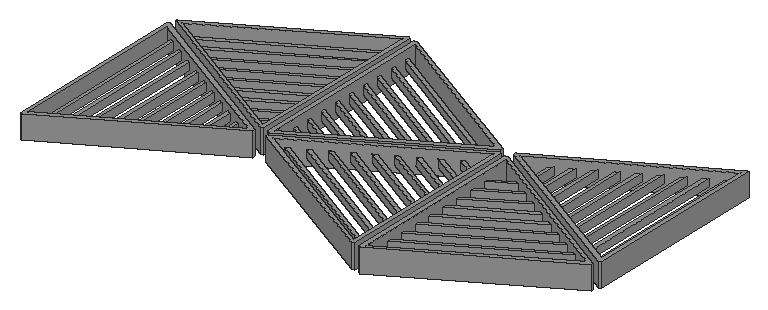
Revit family "CLD-FMD-004_RTV", category Modelos genéricos, Revit 2022 (continued)
Forms (in)
  Extrusion 209, solid, not visible
    sketch origin (0, 48, 0) x (0, 1, 0) y (0, 0, 1)
      loop
        line (0.42221, 1.66259) -> (0.42231, 0.67354)
        arc (0.42231, 0.67354) -> (0.41009, 0.64403) -> (0.38057, 0.6318) r 0.04174
        line (0.38057, 0.6318) -> (-0.00639, 0.6318) -> (-0.00639, 0.59057) -> (0.8874, 0.59057) -> (0.8874, 0.6318) -> (0.49998, 0.6318)
        arc (0.49998, 0.6318) -> (0.47046, 0.64403) -> (0.45824, 0.67354) r 0.04174
        line (0.45824, 0.67354) -> (0.45834, 1.66259)
        arc (0.45834, 1.66259) -> (0.46543, 1.67969) -> (0.48252, 1.68677) r 0.02418
        line (0.48252, 1.68677) -> (0.52252, 1.68677)
        arc (0.52252, 1.68677) -> (0.55303, 1.69941) -> (0.56566, 1.72991) r 0.04314
        line (0.56566, 1.72991) -> (0.56566, 2.14095)
        arc (0.56566, 2.14095) -> (0.5626, 2.15637) -> (0.55386, 2.16944) r 0.04029
        line (0.55386, 2.16944) -> (0.47053, 2.25277)
        arc (0.47053, 2.25277) -> (0.44027, 2.2653) -> (0.41002, 2.25277) r 0.04279
        line (0.41002, 2.25277) -> (0.32669, 2.16944)
        arc (0.32669, 2.16944) -> (0.31795, 2.15637) -> (0.31489, 2.14095) r 0.04029
        line (0.31489, 2.14095) -> (0.31489, 1.72991)
        arc (0.31489, 1.72991) -> (0.32752, 1.69941) -> (0.35803, 1.68677) r 0.04314
        line (0.35803, 1.68677) -> (0.39803, 1.68677)
        arc (0.39803, 1.68677) -> (0.41512, 1.67969) -> (0.42221, 1.66259) r 0.02418
      loop
        arc (0.33294, 1.7291) -> (0.34005, 1.71194) -> (0.35722, 1.70483) r 0.02428
        line (0.35722, 1.70483) -> (0.39815, 1.70483)
        arc (0.39815, 1.70483) -> (0.42797, 1.69248) -> (0.44023, 1.66266) r 0.04217
        arc (0.44023, 1.66266) -> (0.45258, 1.69248) -> (0.4824, 1.70483) r 0.04217
        line (0.4824, 1.70483) -> (0.52333, 1.70483)
        arc (0.52333, 1.70483) -> (0.54049, 1.71194) -> (0.54761, 1.7291) r 0.02428
        line (0.54761, 1.7291) -> (0.54761, 2.15016) -> (0.45704, 2.24072)
        arc (0.45704, 2.24072) -> (0.44027, 2.24767) -> (0.42351, 2.24072) r 0.02371
        line (0.42351, 2.24072) -> (0.33294, 2.15016) -> (0.33294, 1.7291)
    from 0 to 96.9361
  Extrusion 210, solid, not visible
    sketch origin (0, 72, 0) x (0, 1, 0) y (0, 0, 1)
      loop
        line (0.42221, 1.66259) -> (0.42231, 0.67354)
        arc (0.42231, 0.67354) -> (0.41009, 0.64403) -> (0.38057, 0.6318) r 0.04174
        line (0.38057, 0.6318) -> (-0.00639, 0.6318) -> (-0.00639, 0.59057) -> (0.8874, 0.59057) -> (0.8874, 0.6318) -> (0.49998, 0.6318)
        arc (0.49998, 0.6318) -> (0.47046, 0.64403) -> (0.45824, 0.67354) r 0.04174
        line (0.45824, 0.67354) -> (0.45834, 1.66259)
        arc (0.45834, 1.66259) -> (0.46543, 1.67969) -> (0.48252, 1.68677) r 0.02418
        line (0.48252, 1.68677) -> (0.52252, 1.68677)
        arc (0.52252, 1.68677) -> (0.55303, 1.69941) -> (0.56566, 1.72991) r 0.04314
        line (0.56566, 1.72991) -> (0.56566, 2.14095)
        arc (0.56566, 2.14095) -> (0.5626, 2.15637) -> (0.55386, 2.16944) r 0.04029
        line (0.55386, 2.16944) -> (0.47053, 2.25277)
        arc (0.47053, 2.25277) -> (0.44027, 2.2653) -> (0.41002, 2.25277) r 0.04279
        line (0.41002, 2.25277) -> (0.32669, 2.16944)
        arc (0.32669, 2.16944) -> (0.31795, 2.15637) -> (0.31489, 2.14095) r 0.04029
        line (0.31489, 2.14095) -> (0.31489, 1.72991)
        arc (0.31489, 1.72991) -> (0.32752, 1.69941) -> (0.35803, 1.68677) r 0.04314
        line (0.35803, 1.68677) -> (0.39803, 1.68677)
        arc (0.39803, 1.68677) -> (0.41512, 1.67969) -> (0.42221, 1.66259) r 0.02418
      loop
        arc (0.33294, 1.7291) -> (0.34005, 1.71194) -> (0.35722, 1.70483) r 0.02428
        line (0.35722, 1.70483) -> (0.39815, 1.70483)
        arc (0.39815, 1.70483) -> (0.42797, 1.69248) -> (0.44023, 1.66266) r 0.04217
        arc (0.44023, 1.66266) -> (0.45258, 1.69248) -> (0.4824, 1.70483) r 0.04217
        line (0.4824, 1.70483) -> (0.52333, 1.70483)
        arc (0.52333, 1.70483) -> (0.54049, 1.71194) -> (0.54761, 1.7291) r 0.02428
        line (0.54761, 1.7291) -> (0.54761, 2.15016) -> (0.45704, 2.24072)
        arc (0.45704, 2.24072) -> (0.44027, 2.24767) -> (0.42351, 2.24072) r 0.02371
        line (0.42351, 2.24072) -> (0.33294, 2.15016) -> (0.33294, 1.7291)
    from 0 to 96.9361
  Extrusion 211, solid, not visible
    sketch origin (0, 96, 0) x (0, 1, 0) y (0, 0, 1)
      loop
        line (0.42221, 1.66259) -> (0.42231, 0.67354)
        arc (0.42231, 0.67354) -> (0.41009, 0.64403) -> (0.38057, 0.6318) r 0.04174
        line (0.38057, 0.6318) -> (-0.00639, 0.6318) -> (-0.00639, 0.59057) -> (0.8874, 0.59057) -> (0.8874, 0.6318) -> (0.49998, 0.6318)
        arc (0.49998, 0.6318) -> (0.47046, 0.64403) -> (0.45824, 0.67354) r 0.04174
        line (0.45824, 0.67354) -> (0.45834, 1.66259)
        arc (0.45834, 1.66259) -> (0.46543, 1.67969) -> (0.48252, 1.68677) r 0.02418
        line (0.48252, 1.68677) -> (0.52252, 1.68677)
        arc (0.52252, 1.68677) -> (0.55303, 1.69941) -> (0.56566, 1.72991) r 0.04314
        line (0.56566, 1.72991) -> (0.56566, 2.14095)
        arc (0.56566, 2.14095) -> (0.5626, 2.15637) -> (0.55386, 2.16944) r 0.04029
        line (0.55386, 2.16944) -> (0.47053, 2.25277)
        arc (0.47053, 2.25277) -> (0.44027, 2.2653) -> (0.41002, 2.25277) r 0.04279
        line (0.41002, 2.25277) -> (0.32669, 2.16944)
        arc (0.32669, 2.16944) -> (0.31795, 2.15637) -> (0.31489, 2.14095) r 0.04029
        line (0.31489, 2.14095) -> (0.31489, 1.72991)
        arc (0.31489, 1.72991) -> (0.32752, 1.69941) -> (0.35803, 1.68677) r 0.04314
        line (0.35803, 1.68677) -> (0.39803, 1.68677)
        arc (0.39803, 1.68677) -> (0.41512, 1.67969) -> (0.42221, 1.66259) r 0.02418
      loop
        arc (0.33294, 1.7291) -> (0.34005, 1.71194) -> (0.35722, 1.70483) r 0.02428
        line (0.35722, 1.70483) -> (0.39815, 1.70483)
        arc (0.39815, 1.70483) -> (0.42797, 1.69248) -> (0.44023, 1.66266) r 0.04217
        arc (0.44023, 1.66266) -> (0.45258, 1.69248) -> (0.4824, 1.70483) r 0.04217
        line (0.4824, 1.70483) -> (0.52333, 1.70483)
        arc (0.52333, 1.70483) -> (0.54049, 1.71194) -> (0.54761, 1.7291) r 0.02428
        line (0.54761, 1.7291) -> (0.54761, 2.15016) -> (0.45704, 2.24072)
        arc (0.45704, 2.24072) -> (0.44027, 2.24767) -> (0.42351, 2.24072) r 0.02371
        line (0.42351, 2.24072) -> (0.33294, 2.15016) -> (0.33294, 1.7291)
    from 0 to 96.9361
  Extrusion 212, solid, not visible
    sketch origin (48.02754, 154.90856, 0) x (1, 0, 0) y (0, 0, 1)
      loop
        line (0.42221, 1.66259) -> (0.42231, 0.67354)
        arc (0.42231, 0.67354) -> (0.41009, 0.64403) -> (0.38057, 0.6318) r 0.04174
        line (0.38057, 0.6318) -> (-0.00639, 0.6318) -> (-0.00639, 0.59057) -> (0.8874, 0.59057) -> (0.8874, 0.6318) -> (0.49998, 0.6318)
        arc (0.49998, 0.6318) -> (0.47046, 0.64403) -> (0.45824, 0.67354) r 0.04174
        line (0.45824, 0.67354) -> (0.45834, 1.66259)
        arc (0.45834, 1.66259) -> (0.46543, 1.67969) -> (0.48252, 1.68677) r 0.02418
        line (0.48252, 1.68677) -> (0.52252, 1.68677)
        arc (0.52252, 1.68677) -> (0.55303, 1.69941) -> (0.56566, 1.72991) r 0.04314
        line (0.56566, 1.72991) -> (0.56566, 2.14095)
        arc (0.56566, 2.14095) -> (0.5626, 2.15637) -> (0.55386, 2.16944) r 0.04029
        line (0.55386, 2.16944) -> (0.47053, 2.25277)
        arc (0.47053, 2.25277) -> (0.44027, 2.2653) -> (0.41002, 2.25277) r 0.04279
        line (0.41002, 2.25277) -> (0.32669, 2.16944)
        arc (0.32669, 2.16944) -> (0.31795, 2.15637) -> (0.31489, 2.14095) r 0.04029
        line (0.31489, 2.14095) -> (0.31489, 1.72991)
        arc (0.31489, 1.72991) -> (0.32752, 1.69941) -> (0.35803, 1.68677) r 0.04314
        line (0.35803, 1.68677) -> (0.39803, 1.68677)
        arc (0.39803, 1.68677) -> (0.41512, 1.67969) -> (0.42221, 1.66259) r 0.02418
      loop
        arc (0.33294, 1.7291) -> (0.34005, 1.71194) -> (0.35722, 1.70483) r 0.02428
        line (0.35722, 1.70483) -> (0.39815, 1.70483)
        arc (0.39815, 1.70483) -> (0.42797, 1.69248) -> (0.44023, 1.66266) r 0.04217
        arc (0.44023, 1.66266) -> (0.45258, 1.69248) -> (0.4824, 1.70483) r 0.04217
        line (0.4824, 1.70483) -> (0.52333, 1.70483)
        arc (0.52333, 1.70483) -> (0.54049, 1.71194) -> (0.54761, 1.7291) r 0.02428
        line (0.54761, 1.7291) -> (0.54761, 2.15016) -> (0.45704, 2.24072)
        arc (0.45704, 2.24072) -> (0.44027, 2.24767) -> (0.42351, 2.24072) r 0.02371
        line (0.42351, 2.24072) -> (0.33294, 2.15016) -> (0.33294, 1.7291)
    from 58.93614 to 81.99864
  Extrusion 213, solid, not visible
    sketch origin (72.02767, 154.90856, 0) x (1, 0, 0) y (0, 0, 1)
      loop
        line (0.42221, 1.66259) -> (0.42231, 0.67354)
        arc (0.42231, 0.67354) -> (0.41009, 0.64403) -> (0.38057, 0.6318) r 0.04174
        line (0.38057, 0.6318) -> (-0.00639, 0.6318) -> (-0.00639, 0.59057) -> (0.8874, 0.59057) -> (0.8874, 0.6318) -> (0.49998, 0.6318)
        arc (0.49998, 0.6318) -> (0.47046, 0.64403) -> (0.45824, 0.67354) r 0.04174
        line (0.45824, 0.67354) -> (0.45834, 1.66259)
        arc (0.45834, 1.66259) -> (0.46543, 1.67969) -> (0.48252, 1.68677) r 0.02418
        line (0.48252, 1.68677) -> (0.52252, 1.68677)
        arc (0.52252, 1.68677) -> (0.55303, 1.69941) -> (0.56566, 1.72991) r 0.04314
        line (0.56566, 1.72991) -> (0.56566, 2.14095)
        arc (0.56566, 2.14095) -> (0.5626, 2.15637) -> (0.55386, 2.16944) r 0.04029
        line (0.55386, 2.16944) -> (0.47053, 2.25277)
        arc (0.47053, 2.25277) -> (0.44027, 2.2653) -> (0.41002, 2.25277) r 0.04279
        line (0.41002, 2.25277) -> (0.32669, 2.16944)
        arc (0.32669, 2.16944) -> (0.31795, 2.15637) -> (0.31489, 2.14095) r 0.04029
        line (0.31489, 2.14095) -> (0.31489, 1.72991)
        arc (0.31489, 1.72991) -> (0.32752, 1.69941) -> (0.35803, 1.68677) r 0.04314
        line (0.35803, 1.68677) -> (0.39803, 1.68677)
        arc (0.39803, 1.68677) -> (0.41512, 1.67969) -> (0.42221, 1.66259) r 0.02418
      loop
        arc (0.33294, 1.7291) -> (0.34005, 1.71194) -> (0.35722, 1.70483) r 0.02428
        line (0.35722, 1.70483) -> (0.39815, 1.70483)
        arc (0.39815, 1.70483) -> (0.42797, 1.69248) -> (0.44023, 1.66266) r 0.04217
        arc (0.44023, 1.66266) -> (0.45258, 1.69248) -> (0.4824, 1.70483) r 0.04217
        line (0.4824, 1.70483) -> (0.52333, 1.70483)
        arc (0.52333, 1.70483) -> (0.54049, 1.71194) -> (0.54761, 1.7291) r 0.02428
        line (0.54761, 1.7291) -> (0.54761, 2.15016) -> (0.45704, 2.24072)
        arc (0.45704, 2.24072) -> (0.44027, 2.24767) -> (0.42351, 2.24072) r 0.02371
        line (0.42351, 2.24072) -> (0.33294, 2.15016) -> (0.33294, 1.7291)
    from 58.93614 to 81.99864
  Extrusion 214, solid, not visible
    sketch origin (96.02767, 154.90856, 0) x (1, 0, 0) y (0, 0, 1)
      loop
        line (0.42221, 1.66259) -> (0.42231, 0.67354)
        arc (0.42231, 0.67354) -> (0.41009, 0.64403) -> (0.38057, 0.6318) r 0.04174
        line (0.38057, 0.6318) -> (-0.00639, 0.6318) -> (-0.00639, 0.59057) -> (0.8874, 0.59057) -> (0.8874, 0.6318) -> (0.49998, 0.6318)
        arc (0.49998, 0.6318) -> (0.47046, 0.64403) -> (0.45824, 0.67354) r 0.04174
        line (0.45824, 0.67354) -> (0.45834, 1.66259)
        arc (0.45834, 1.66259) -> (0.46543, 1.67969) -> (0.48252, 1.68677) r 0.02418
        line (0.48252, 1.68677) -> (0.52252, 1.68677)
        arc (0.52252, 1.68677) -> (0.55303, 1.69941) -> (0.56566, 1.72991) r 0.04314
        line (0.56566, 1.72991) -> (0.56566, 2.14095)
        arc (0.56566, 2.14095) -> (0.5626, 2.15637) -> (0.55386, 2.16944) r 0.04029
        line (0.55386, 2.16944) -> (0.47053, 2.25277)
        arc (0.47053, 2.25277) -> (0.44027, 2.2653) -> (0.41002, 2.25277) r 0.04279
        line (0.41002, 2.25277) -> (0.32669, 2.16944)
        arc (0.32669, 2.16944) -> (0.31795, 2.15637) -> (0.31489, 2.14095) r 0.04029
        line (0.31489, 2.14095) -> (0.31489, 1.72991)
        arc (0.31489, 1.72991) -> (0.32752, 1.69941) -> (0.35803, 1.68677) r 0.04314
        line (0.35803, 1.68677) -> (0.39803, 1.68677)
        arc (0.39803, 1.68677) -> (0.41512, 1.67969) -> (0.42221, 1.66259) r 0.02418
      loop
        arc (0.33294, 1.7291) -> (0.34005, 1.71194) -> (0.35722, 1.70483) r 0.02428
        line (0.35722, 1.70483) -> (0.39815, 1.70483)
        arc (0.39815, 1.70483) -> (0.42797, 1.69248) -> (0.44023, 1.66266) r 0.04217
        arc (0.44023, 1.66266) -> (0.45258, 1.69248) -> (0.4824, 1.70483) r 0.04217
        line (0.4824, 1.70483) -> (0.52333, 1.70483)
        arc (0.52333, 1.70483) -> (0.54049, 1.71194) -> (0.54761, 1.7291) r 0.02428
        line (0.54761, 1.7291) -> (0.54761, 2.15016) -> (0.45704, 2.24072)
        arc (0.45704, 2.24072) -> (0.44027, 2.24767) -> (0.42351, 2.24072) r 0.02371
        line (0.42351, 2.24072) -> (0.33294, 2.15016) -> (0.33294, 1.7291)
    from 58.93614 to 81.99864
  Extrusion 215, solid, not visible
    sketch origin (24.02767, 154.90856, 0) x (1, 0, 0) y (0, 0, 1)
      loop
        line (0.42221, 1.66259) -> (0.42231, 0.67354)
        arc (0.42231, 0.67354) -> (0.41009, 0.64403) -> (0.38057, 0.6318) r 0.04174
        line (0.38057, 0.6318) -> (-0.00639, 0.6318) -> (-0.00639, 0.59057) -> (0.8874, 0.59057) -> (0.8874, 0.6318) -> (0.49998, 0.6318)
        arc (0.49998, 0.6318) -> (0.47046, 0.64403) -> (0.45824, 0.67354) r 0.04174
        line (0.45824, 0.67354) -> (0.45834, 1.66259)
        arc (0.45834, 1.66259) -> (0.46543, 1.67969) -> (0.48252, 1.68677) r 0.02418
        line (0.48252, 1.68677) -> (0.52252, 1.68677)
        arc (0.52252, 1.68677) -> (0.55303, 1.69941) -> (0.56566, 1.72991) r 0.04314
        line (0.56566, 1.72991) -> (0.56566, 2.14095)
        arc (0.56566, 2.14095) -> (0.5626, 2.15637) -> (0.55386, 2.16944) r 0.04029
        line (0.55386, 2.16944) -> (0.47053, 2.25277)
        arc (0.47053, 2.25277) -> (0.44027, 2.2653) -> (0.41002, 2.25277) r 0.04279
        line (0.41002, 2.25277) -> (0.32669, 2.16944)
        arc (0.32669, 2.16944) -> (0.31795, 2.15637) -> (0.31489, 2.14095) r 0.04029
        line (0.31489, 2.14095) -> (0.31489, 1.72991)
        arc (0.31489, 1.72991) -> (0.32752, 1.69941) -> (0.35803, 1.68677) r 0.04314
        line (0.35803, 1.68677) -> (0.39803, 1.68677)
        arc (0.39803, 1.68677) -> (0.41512, 1.67969) -> (0.42221, 1.66259) r 0.02418
      loop
        arc (0.33294, 1.7291) -> (0.34005, 1.71194) -> (0.35722, 1.70483) r 0.02428
        line (0.35722, 1.70483) -> (0.39815, 1.70483)
        arc (0.39815, 1.70483) -> (0.42797, 1.69248) -> (0.44023, 1.66266) r 0.04217
        arc (0.44023, 1.66266) -> (0.45258, 1.69248) -> (0.4824, 1.70483) r 0.04217
        line (0.4824, 1.70483) -> (0.52333, 1.70483)
        arc (0.52333, 1.70483) -> (0.54049, 1.71194) -> (0.54761, 1.7291) r 0.02428
        line (0.54761, 1.7291) -> (0.54761, 2.15016) -> (0.45704, 2.24072)
        arc (0.45704, 2.24072) -> (0.44027, 2.24767) -> (0.42351, 2.24072) r 0.02371
        line (0.42351, 2.24072) -> (0.33294, 2.15016) -> (0.33294, 1.7291)
    from 58.93614 to 81.99864
  Extrusion 216, solid, not visible
    sketch origin (0.02767, 154.90856, 0) x (1, 0, 0) y (0, 0, 1)
      loop
        line (0.42221, 1.66259) -> (0.42231, 0.67354)
        arc (0.42231, 0.67354) -> (0.41009, 0.64403) -> (0.38057, 0.6318) r 0.04174
        line (0.38057, 0.6318) -> (-0.00639, 0.6318) -> (-0.00639, 0.59057) -> (0.8874, 0.59057) -> (0.8874, 0.6318) -> (0.49998, 0.6318)
        arc (0.49998, 0.6318) -> (0.47046, 0.64403) -> (0.45824, 0.67354) r 0.04174
        line (0.45824, 0.67354) -> (0.45834, 1.66259)
        arc (0.45834, 1.66259) -> (0.46543, 1.67969) -> (0.48252, 1.68677) r 0.02418
        line (0.48252, 1.68677) -> (0.52252, 1.68677)
        arc (0.52252, 1.68677) -> (0.55303, 1.69941) -> (0.56566, 1.72991) r 0.04314
        line (0.56566, 1.72991) -> (0.56566, 2.14095)
        arc (0.56566, 2.14095) -> (0.5626, 2.15637) -> (0.55386, 2.16944) r 0.04029
        line (0.55386, 2.16944) -> (0.47053, 2.25277)
        arc (0.47053, 2.25277) -> (0.44027, 2.2653) -> (0.41002, 2.25277) r 0.04279
        line (0.41002, 2.25277) -> (0.32669, 2.16944)
        arc (0.32669, 2.16944) -> (0.31795, 2.15637) -> (0.31489, 2.14095) r 0.04029
        line (0.31489, 2.14095) -> (0.31489, 1.72991)
        arc (0.31489, 1.72991) -> (0.32752, 1.69941) -> (0.35803, 1.68677) r 0.04314
        line (0.35803, 1.68677) -> (0.39803, 1.68677)
        arc (0.39803, 1.68677) -> (0.41512, 1.67969) -> (0.42221, 1.66259) r 0.02418
      loop
        arc (0.33294, 1.7291) -> (0.34005, 1.71194) -> (0.35722, 1.70483) r 0.02428
        line (0.35722, 1.70483) -> (0.39815, 1.70483)
        arc (0.39815, 1.70483) -> (0.42797, 1.69248) -> (0.44023, 1.66266) r 0.04217
        arc (0.44023, 1.66266) -> (0.45258, 1.69248) -> (0.4824, 1.70483) r 0.04217
        line (0.4824, 1.70483) -> (0.52333, 1.70483)
        arc (0.52333, 1.70483) -> (0.54049, 1.71194) -> (0.54761, 1.7291) r 0.02428
        line (0.54761, 1.7291) -> (0.54761, 2.15016) -> (0.45704, 2.24072)
        arc (0.45704, 2.24072) -> (0.44027, 2.24767) -> (0.42351, 2.24072) r 0.02371
        line (0.42351, 2.24072) -> (0.33294, 2.15016) -> (0.33294, 1.7291)
    from 58.93614 to 81.99864
  Extrusion 217, solid, not visible
    sketch origin (48.02754, 130.90855, 0) x (1, 0, 0) y (0, 0, 1)
      loop
        line (0.42221, 1.66259) -> (0.42231, 0.67354)
        arc (0.42231, 0.67354) -> (0.41009, 0.64403) -> (0.38057, 0.6318) r 0.04174
        line (0.38057, 0.6318) -> (-0.00639, 0.6318) -> (-0.00639, 0.59057) -> (0.8874, 0.59057) -> (0.8874, 0.6318) -> (0.49998, 0.6318)
        arc (0.49998, 0.6318) -> (0.47046, 0.64403) -> (0.45824, 0.67354) r 0.04174
        line (0.45824, 0.67354) -> (0.45834, 1.66259)
        arc (0.45834, 1.66259) -> (0.46543, 1.67969) -> (0.48252, 1.68677) r 0.02418
        line (0.48252, 1.68677) -> (0.52252, 1.68677)
        arc (0.52252, 1.68677) -> (0.55303, 1.69941) -> (0.56566, 1.72991) r 0.04314
        line (0.56566, 1.72991) -> (0.56566, 2.14095)
        arc (0.56566, 2.14095) -> (0.5626, 2.15637) -> (0.55386, 2.16944) r 0.04029
        line (0.55386, 2.16944) -> (0.47053, 2.25277)
        arc (0.47053, 2.25277) -> (0.44027, 2.2653) -> (0.41002, 2.25277) r 0.04279
        line (0.41002, 2.25277) -> (0.32669, 2.16944)
        arc (0.32669, 2.16944) -> (0.31795, 2.15637) -> (0.31489, 2.14095) r 0.04029
        line (0.31489, 2.14095) -> (0.31489, 1.72991)
        arc (0.31489, 1.72991) -> (0.32752, 1.69941) -> (0.35803, 1.68677) r 0.04314
        line (0.35803, 1.68677) -> (0.39803, 1.68677)
        arc (0.39803, 1.68677) -> (0.41512, 1.67969) -> (0.42221, 1.66259) r 0.02418
      loop
        arc (0.33294, 1.7291) -> (0.34005, 1.71194) -> (0.35722, 1.70483) r 0.02428
        line (0.35722, 1.70483) -> (0.39815, 1.70483)
        arc (0.39815, 1.70483) -> (0.42797, 1.69248) -> (0.44023, 1.66266) r 0.04217
        arc (0.44023, 1.66266) -> (0.45258, 1.69248) -> (0.4824, 1.70483) r 0.04217
        line (0.4824, 1.70483) -> (0.52333, 1.70483)
        arc (0.52333, 1.70483) -> (0.54049, 1.71194) -> (0.54761, 1.7291) r 0.02428
        line (0.54761, 1.7291) -> (0.54761, 2.15016) -> (0.45704, 2.24072)
        arc (0.45704, 2.24072) -> (0.44027, 2.24767) -> (0.42351, 2.24072) r 0.02371
        line (0.42351, 2.24072) -> (0.33294, 2.15016) -> (0.33294, 1.7291)
    from 58.93614 to 81.99864
  Extrusion 218, solid, not visible
    sketch origin (72.02767, 130.90855, 0) x (1, 0, 0) y (0, 0, 1)
      loop
        line (0.42221, 1.66259) -> (0.42231, 0.67354)
        arc (0.42231, 0.67354) -> (0.41009, 0.64403) -> (0.38057, 0.6318) r 0.04174
        line (0.38057, 0.6318) -> (-0.00639, 0.6318) -> (-0.00639, 0.59057) -> (0.8874, 0.59057) -> (0.8874, 0.6318) -> (0.49998, 0.6318)
        arc (0.49998, 0.6318) -> (0.47046, 0.64403) -> (0.45824, 0.67354) r 0.04174
        line (0.45824, 0.67354) -> (0.45834, 1.66259)
        arc (0.45834, 1.66259) -> (0.46543, 1.67969) -> (0.48252, 1.68677) r 0.02418
        line (0.48252, 1.68677) -> (0.52252, 1.68677)
        arc (0.52252, 1.68677) -> (0.55303, 1.69941) -> (0.56566, 1.72991) r 0.04314
        line (0.56566, 1.72991) -> (0.56566, 2.14095)
        arc (0.56566, 2.14095) -> (0.5626, 2.15637) -> (0.55386, 2.16944) r 0.04029
        line (0.55386, 2.16944) -> (0.47053, 2.25277)
        arc (0.47053, 2.25277) -> (0.44027, 2.2653) -> (0.41002, 2.25277) r 0.04279
        line (0.41002, 2.25277) -> (0.32669, 2.16944)
        arc (0.32669, 2.16944) -> (0.31795, 2.15637) -> (0.31489, 2.14095) r 0.04029
        line (0.31489, 2.14095) -> (0.31489, 1.72991)
        arc (0.31489, 1.72991) -> (0.32752, 1.69941) -> (0.35803, 1.68677) r 0.04314
        line (0.35803, 1.68677) -> (0.39803, 1.68677)
        arc (0.39803, 1.68677) -> (0.41512, 1.67969) -> (0.42221, 1.66259) r 0.02418
      loop
        arc (0.33294, 1.7291) -> (0.34005, 1.71194) -> (0.35722, 1.70483) r 0.02428
        line (0.35722, 1.70483) -> (0.39815, 1.70483)
        arc (0.39815, 1.70483) -> (0.42797, 1.69248) -> (0.44023, 1.66266) r 0.04217
        arc (0.44023, 1.66266) -> (0.45258, 1.69248) -> (0.4824, 1.70483) r 0.04217
        line (0.4824, 1.70483) -> (0.52333, 1.70483)
        arc (0.52333, 1.70483) -> (0.54049, 1.71194) -> (0.54761, 1.7291) r 0.02428
        line (0.54761, 1.7291) -> (0.54761, 2.15016) -> (0.45704, 2.24072)
        arc (0.45704, 2.24072) -> (0.44027, 2.24767) -> (0.42351, 2.24072) r 0.02371
        line (0.42351, 2.24072) -> (0.33294, 2.15016) -> (0.33294, 1.7291)
    from 58.93614 to 81.99864
  Extrusion 219, solid, not visible
    sketch origin (96.02767, 130.90855, 0) x (1, 0, 0) y (0, 0, 1)
      loop
        line (0.42221, 1.66259) -> (0.42231, 0.67354)
        arc (0.42231, 0.67354) -> (0.41009, 0.64403) -> (0.38057, 0.6318) r 0.04174
        line (0.38057, 0.6318) -> (-0.00639, 0.6318) -> (-0.00639, 0.59057) -> (0.8874, 0.59057) -> (0.8874, 0.6318) -> (0.49998, 0.6318)
        arc (0.49998, 0.6318) -> (0.47046, 0.64403) -> (0.45824, 0.67354) r 0.04174
        line (0.45824, 0.67354) -> (0.45834, 1.66259)
        arc (0.45834, 1.66259) -> (0.46543, 1.67969) -> (0.48252, 1.68677) r 0.02418
        line (0.48252, 1.68677) -> (0.52252, 1.68677)
        arc (0.52252, 1.68677) -> (0.55303, 1.69941) -> (0.56566, 1.72991) r 0.04314
        line (0.56566, 1.72991) -> (0.56566, 2.14095)
        arc (0.56566, 2.14095) -> (0.5626, 2.15637) -> (0.55386, 2.16944) r 0.04029
        line (0.55386, 2.16944) -> (0.47053, 2.25277)
        arc (0.47053, 2.25277) -> (0.44027, 2.2653) -> (0.41002, 2.25277) r 0.04279
        line (0.41002, 2.25277) -> (0.32669, 2.16944)
        arc (0.32669, 2.16944) -> (0.31795, 2.15637) -> (0.31489, 2.14095) r 0.04029
        line (0.31489, 2.14095) -> (0.31489, 1.72991)
        arc (0.31489, 1.72991) -> (0.32752, 1.69941) -> (0.35803, 1.68677) r 0.04314
        line (0.35803, 1.68677) -> (0.39803, 1.68677)
        arc (0.39803, 1.68677) -> (0.41512, 1.67969) -> (0.42221, 1.66259) r 0.02418
      loop
        arc (0.33294, 1.7291) -> (0.34005, 1.71194) -> (0.35722, 1.70483) r 0.02428
        line (0.35722, 1.70483) -> (0.39815, 1.70483)
        arc (0.39815, 1.70483) -> (0.42797, 1.69248) -> (0.44023, 1.66266) r 0.04217
        arc (0.44023, 1.66266) -> (0.45258, 1.69248) -> (0.4824, 1.70483) r 0.04217
        line (0.4824, 1.70483) -> (0.52333, 1.70483)
        arc (0.52333, 1.70483) -> (0.54049, 1.71194) -> (0.54761, 1.7291) r 0.02428
        line (0.54761, 1.7291) -> (0.54761, 2.15016) -> (0.45704, 2.24072)
        arc (0.45704, 2.24072) -> (0.44027, 2.24767) -> (0.42351, 2.24072) r 0.02371
        line (0.42351, 2.24072) -> (0.33294, 2.15016) -> (0.33294, 1.7291)
    from 58.93614 to 81.99864
  Extrusion 220, solid, not visible
    sketch origin (24.02767, 130.90855, 0) x (1, 0, 0) y (0, 0, 1)
      loop
        line (0.42221, 1.66259) -> (0.42231, 0.67354)
        arc (0.42231, 0.67354) -> (0.41009, 0.64403) -> (0.38057, 0.6318) r 0.04174
        line (0.38057, 0.6318) -> (-0.00639, 0.6318) -> (-0.00639, 0.59057) -> (0.8874, 0.59057) -> (0.8874, 0.6318) -> (0.49998, 0.6318)
        arc (0.49998, 0.6318) -> (0.47046, 0.64403) -> (0.45824, 0.67354) r 0.04174
        line (0.45824, 0.67354) -> (0.45834, 1.66259)
        arc (0.45834, 1.66259) -> (0.46543, 1.67969) -> (0.48252, 1.68677) r 0.02418
        line (0.48252, 1.68677) -> (0.52252, 1.68677)
        arc (0.52252, 1.68677) -> (0.55303, 1.69941) -> (0.56566, 1.72991) r 0.04314
        line (0.56566, 1.72991) -> (0.56566, 2.14095)
        arc (0.56566, 2.14095) -> (0.5626, 2.15637) -> (0.55386, 2.16944) r 0.04029
        line (0.55386, 2.16944) -> (0.47053, 2.25277)
        arc (0.47053, 2.25277) -> (0.44027, 2.2653) -> (0.41002, 2.25277) r 0.04279
        line (0.41002, 2.25277) -> (0.32669, 2.16944)
        arc (0.32669, 2.16944) -> (0.31795, 2.15637) -> (0.31489, 2.14095) r 0.04029
        line (0.31489, 2.14095) -> (0.31489, 1.72991)
        arc (0.31489, 1.72991) -> (0.32752, 1.69941) -> (0.35803, 1.68677) r 0.04314
        line (0.35803, 1.68677) -> (0.39803, 1.68677)
        arc (0.39803, 1.68677) -> (0.41512, 1.67969) -> (0.42221, 1.66259) r 0.02418
      loop
        arc (0.33294, 1.7291) -> (0.34005, 1.71194) -> (0.35722, 1.70483) r 0.02428
        line (0.35722, 1.70483) -> (0.39815, 1.70483)
        arc (0.39815, 1.70483) -> (0.42797, 1.69248) -> (0.44023, 1.66266) r 0.04217
        arc (0.44023, 1.66266) -> (0.45258, 1.69248) -> (0.4824, 1.70483) r 0.04217
        line (0.4824, 1.70483) -> (0.52333, 1.70483)
        arc (0.52333, 1.70483) -> (0.54049, 1.71194) -> (0.54761, 1.7291) r 0.02428
        line (0.54761, 1.7291) -> (0.54761, 2.15016) -> (0.45704, 2.24072)
        arc (0.45704, 2.24072) -> (0.44027, 2.24767) -> (0.42351, 2.24072) r 0.02371
        line (0.42351, 2.24072) -> (0.33294, 2.15016) -> (0.33294, 1.7291)
    from 58.93614 to 81.99864
  Extrusion 221, solid, not visible
    sketch origin (0.02767, 130.90855, 0) x (1, 0, 0) y (0, 0, 1)
      loop
        line (0.42221, 1.66259) -> (0.42231, 0.67354)
        arc (0.42231, 0.67354) -> (0.41009, 0.64403) -> (0.38057, 0.6318) r 0.04174
        line (0.38057, 0.6318) -> (-0.00639, 0.6318) -> (-0.00639, 0.59057) -> (0.8874, 0.59057) -> (0.8874, 0.6318) -> (0.49998, 0.6318)
        arc (0.49998, 0.6318) -> (0.47046, 0.64403) -> (0.45824, 0.67354) r 0.04174
        line (0.45824, 0.67354) -> (0.45834, 1.66259)
        arc (0.45834, 1.66259) -> (0.46543, 1.67969) -> (0.48252, 1.68677) r 0.02418
        line (0.48252, 1.68677) -> (0.52252, 1.68677)
        arc (0.52252, 1.68677) -> (0.55303, 1.69941) -> (0.56566, 1.72991) r 0.04314
        line (0.56566, 1.72991) -> (0.56566, 2.14095)
        arc (0.56566, 2.14095) -> (0.5626, 2.15637) -> (0.55386, 2.16944) r 0.04029
        line (0.55386, 2.16944) -> (0.47053, 2.25277)
        arc (0.47053, 2.25277) -> (0.44027, 2.2653) -> (0.41002, 2.25277) r 0.04279
        line (0.41002, 2.25277) -> (0.32669, 2.16944)
        arc (0.32669, 2.16944) -> (0.31795, 2.15637) -> (0.31489, 2.14095) r 0.04029
        line (0.31489, 2.14095) -> (0.31489, 1.72991)
        arc (0.31489, 1.72991) -> (0.32752, 1.69941) -> (0.35803, 1.68677) r 0.04314
        line (0.35803, 1.68677) -> (0.39803, 1.68677)
        arc (0.39803, 1.68677) -> (0.41512, 1.67969) -> (0.42221, 1.66259) r 0.02418
      loop
        arc (0.33294, 1.7291) -> (0.34005, 1.71194) -> (0.35722, 1.70483) r 0.02428
        line (0.35722, 1.70483) -> (0.39815, 1.70483)
        arc (0.39815, 1.70483) -> (0.42797, 1.69248) -> (0.44023, 1.66266) r 0.04217
        arc (0.44023, 1.66266) -> (0.45258, 1.69248) -> (0.4824, 1.70483) r 0.04217
        line (0.4824, 1.70483) -> (0.52333, 1.70483)
        arc (0.52333, 1.70483) -> (0.54049, 1.71194) -> (0.54761, 1.7291) r 0.02428
        line (0.54761, 1.7291) -> (0.54761, 2.15016) -> (0.45704, 2.24072)
        arc (0.45704, 2.24072) -> (0.44027, 2.24767) -> (0.42351, 2.24072) r 0.02371
        line (0.42351, 2.24072) -> (0.33294, 2.15016) -> (0.33294, 1.7291)
    from 58.93614 to 81.99864
  Extrusion 222, solid, not visible
    sketch origin (48.02754, 106.90856, 0) x (1, 0, 0) y (0, 0, 1)
      loop
        line (0.42221, 1.66259) -> (0.42231, 0.67354)
        arc (0.42231, 0.67354) -> (0.41009, 0.64403) -> (0.38057, 0.6318) r 0.04174
        line (0.38057, 0.6318) -> (-0.00639, 0.6318) -> (-0.00639, 0.59057) -> (0.8874, 0.59057) -> (0.8874, 0.6318) -> (0.49998, 0.6318)
        arc (0.49998, 0.6318) -> (0.47046, 0.64403) -> (0.45824, 0.67354) r 0.04174
        line (0.45824, 0.67354) -> (0.45834, 1.66259)
        arc (0.45834, 1.66259) -> (0.46543, 1.67969) -> (0.48252, 1.68677) r 0.02418
        line (0.48252, 1.68677) -> (0.52252, 1.68677)
        arc (0.52252, 1.68677) -> (0.55303, 1.69941) -> (0.56566, 1.72991) r 0.04314
        line (0.56566, 1.72991) -> (0.56566, 2.14095)
        arc (0.56566, 2.14095) -> (0.5626, 2.15637) -> (0.55386, 2.16944) r 0.04029
        line (0.55386, 2.16944) -> (0.47053, 2.25277)
        arc (0.47053, 2.25277) -> (0.44027, 2.2653) -> (0.41002, 2.25277) r 0.04279
        line (0.41002, 2.25277) -> (0.32669, 2.16944)
        arc (0.32669, 2.16944) -> (0.31795, 2.15637) -> (0.31489, 2.14095) r 0.04029
        line (0.31489, 2.14095) -> (0.31489, 1.72991)
        arc (0.31489, 1.72991) -> (0.32752, 1.69941) -> (0.35803, 1.68677) r 0.04314
        line (0.35803, 1.68677) -> (0.39803, 1.68677)
        arc (0.39803, 1.68677) -> (0.41512, 1.67969) -> (0.42221, 1.66259) r 0.02418
      loop
        arc (0.33294, 1.7291) -> (0.34005, 1.71194) -> (0.35722, 1.70483) r 0.02428
        line (0.35722, 1.70483) -> (0.39815, 1.70483)
        arc (0.39815, 1.70483) -> (0.42797, 1.69248) -> (0.44023, 1.66266) r 0.04217
        arc (0.44023, 1.66266) -> (0.45258, 1.69248) -> (0.4824, 1.70483) r 0.04217
        line (0.4824, 1.70483) -> (0.52333, 1.70483)
        arc (0.52333, 1.70483) -> (0.54049, 1.71194) -> (0.54761, 1.7291) r 0.02428
        line (0.54761, 1.7291) -> (0.54761, 2.15016) -> (0.45704, 2.24072)
        arc (0.45704, 2.24072) -> (0.44027, 2.24767) -> (0.42351, 2.24072) r 0.02371
        line (0.42351, 2.24072) -> (0.33294, 2.15016) -> (0.33294, 1.7291)
    from 58.93614 to 81.99864
  Extrusion 223, solid, not visible
    sketch origin (72.02767, 106.90856, 0) x (1, 0, 0) y (0, 0, 1)
      loop
        line (0.42221, 1.66259) -> (0.42231, 0.67354)
        arc (0.42231, 0.67354) -> (0.41009, 0.64403) -> (0.38057, 0.6318) r 0.04174
        line (0.38057, 0.6318) -> (-0.00639, 0.6318) -> (-0.00639, 0.59057) -> (0.8874, 0.59057) -> (0.8874, 0.6318) -> (0.49998, 0.6318)
        arc (0.49998, 0.6318) -> (0.47046, 0.64403) -> (0.45824, 0.67354) r 0.04174
        line (0.45824, 0.67354) -> (0.45834, 1.66259)
        arc (0.45834, 1.66259) -> (0.46543, 1.67969) -> (0.48252, 1.68677) r 0.02418
        line (0.48252, 1.68677) -> (0.52252, 1.68677)
        arc (0.52252, 1.68677) -> (0.55303, 1.69941) -> (0.56566, 1.72991) r 0.04314
        line (0.56566, 1.72991) -> (0.56566, 2.14095)
        arc (0.56566, 2.14095) -> (0.5626, 2.15637) -> (0.55386, 2.16944) r 0.04029
        line (0.55386, 2.16944) -> (0.47053, 2.25277)
        arc (0.47053, 2.25277) -> (0.44027, 2.2653) -> (0.41002, 2.25277) r 0.04279
        line (0.41002, 2.25277) -> (0.32669, 2.16944)
        arc (0.32669, 2.16944) -> (0.31795, 2.15637) -> (0.31489, 2.14095) r 0.04029
        line (0.31489, 2.14095) -> (0.31489, 1.72991)
        arc (0.31489, 1.72991) -> (0.32752, 1.69941) -> (0.35803, 1.68677) r 0.04314
        line (0.35803, 1.68677) -> (0.39803, 1.68677)
        arc (0.39803, 1.68677) -> (0.41512, 1.67969) -> (0.42221, 1.66259) r 0.02418
      loop
        arc (0.33294, 1.7291) -> (0.34005, 1.71194) -> (0.35722, 1.70483) r 0.02428
        line (0.35722, 1.70483) -> (0.39815, 1.70483)
        arc (0.39815, 1.70483) -> (0.42797, 1.69248) -> (0.44023, 1.66266) r 0.04217
        arc (0.44023, 1.66266) -> (0.45258, 1.69248) -> (0.4824, 1.70483) r 0.04217
        line (0.4824, 1.70483) -> (0.52333, 1.70483)
        arc (0.52333, 1.70483) -> (0.54049, 1.71194) -> (0.54761, 1.7291) r 0.02428
        line (0.54761, 1.7291) -> (0.54761, 2.15016) -> (0.45704, 2.24072)
        arc (0.45704, 2.24072) -> (0.44027, 2.24767) -> (0.42351, 2.24072) r 0.02371
        line (0.42351, 2.24072) -> (0.33294, 2.15016) -> (0.33294, 1.7291)
    from 58.93614 to 81.99864
  Extrusion 224, solid, not visible
    sketch origin (96.02767, 106.90856, 0) x (1, 0, 0) y (0, 0, 1)
      loop
        line (0.42221, 1.66259) -> (0.42231, 0.67354)
        arc (0.42231, 0.67354) -> (0.41009, 0.64403) -> (0.38057, 0.6318) r 0.04174
        line (0.38057, 0.6318) -> (-0.00639, 0.6318) -> (-0.00639, 0.59057) -> (0.8874, 0.59057) -> (0.8874, 0.6318) -> (0.49998, 0.6318)
        arc (0.49998, 0.6318) -> (0.47046, 0.64403) -> (0.45824, 0.67354) r 0.04174
        line (0.45824, 0.67354) -> (0.45834, 1.66259)
        arc (0.45834, 1.66259) -> (0.46543, 1.67969) -> (0.48252, 1.68677) r 0.02418
        line (0.48252, 1.68677) -> (0.52252, 1.68677)
        arc (0.52252, 1.68677) -> (0.55303, 1.69941) -> (0.56566, 1.72991) r 0.04314
        line (0.56566, 1.72991) -> (0.56566, 2.14095)
        arc (0.56566, 2.14095) -> (0.5626, 2.15637) -> (0.55386, 2.16944) r 0.04029
        line (0.55386, 2.16944) -> (0.47053, 2.25277)
        arc (0.47053, 2.25277) -> (0.44027, 2.2653) -> (0.41002, 2.25277) r 0.04279
        line (0.41002, 2.25277) -> (0.32669, 2.16944)
        arc (0.32669, 2.16944) -> (0.31795, 2.15637) -> (0.31489, 2.14095) r 0.04029
        line (0.31489, 2.14095) -> (0.31489, 1.72991)
        arc (0.31489, 1.72991) -> (0.32752, 1.69941) -> (0.35803, 1.68677) r 0.04314
        line (0.35803, 1.68677) -> (0.39803, 1.68677)
        arc (0.39803, 1.68677) -> (0.41512, 1.67969) -> (0.42221, 1.66259) r 0.02418
      loop
        arc (0.33294, 1.7291) -> (0.34005, 1.71194) -> (0.35722, 1.70483) r 0.02428
        line (0.35722, 1.70483) -> (0.39815, 1.70483)
        arc (0.39815, 1.70483) -> (0.42797, 1.69248) -> (0.44023, 1.66266) r 0.04217
        arc (0.44023, 1.66266) -> (0.45258, 1.69248) -> (0.4824, 1.70483) r 0.04217
        line (0.4824, 1.70483) -> (0.52333, 1.70483)
        arc (0.52333, 1.70483) -> (0.54049, 1.71194) -> (0.54761, 1.7291) r 0.02428
        line (0.54761, 1.7291) -> (0.54761, 2.15016) -> (0.45704, 2.24072)
        arc (0.45704, 2.24072) -> (0.44027, 2.24767) -> (0.42351, 2.24072) r 0.02371
        line (0.42351, 2.24072) -> (0.33294, 2.15016) -> (0.33294, 1.7291)
    from 58.93614 to 81.99864
  Extrusion 225, solid, not visible
    sketch origin (24.02767, 106.90856, 0) x (1, 0, 0) y (0, 0, 1)
      loop
        line (0.42221, 1.66259) -> (0.42231, 0.67354)
        arc (0.42231, 0.67354) -> (0.41009, 0.64403) -> (0.38057, 0.6318) r 0.04174
        line (0.38057, 0.6318) -> (-0.00639, 0.6318) -> (-0.00639, 0.59057) -> (0.8874, 0.59057) -> (0.8874, 0.6318) -> (0.49998, 0.6318)
        arc (0.49998, 0.6318) -> (0.47046, 0.64403) -> (0.45824, 0.67354) r 0.04174
        line (0.45824, 0.67354) -> (0.45834, 1.66259)
        arc (0.45834, 1.66259) -> (0.46543, 1.67969) -> (0.48252, 1.68677) r 0.02418
        line (0.48252, 1.68677) -> (0.52252, 1.68677)
        arc (0.52252, 1.68677) -> (0.55303, 1.69941) -> (0.56566, 1.72991) r 0.04314
        line (0.56566, 1.72991) -> (0.56566, 2.14095)
        arc (0.56566, 2.14095) -> (0.5626, 2.15637) -> (0.55386, 2.16944) r 0.04029
        line (0.55386, 2.16944) -> (0.47053, 2.25277)
        arc (0.47053, 2.25277) -> (0.44027, 2.2653) -> (0.41002, 2.25277) r 0.04279
        line (0.41002, 2.25277) -> (0.32669, 2.16944)
        arc (0.32669, 2.16944) -> (0.31795, 2.15637) -> (0.31489, 2.14095) r 0.04029
        line (0.31489, 2.14095) -> (0.31489, 1.72991)
        arc (0.31489, 1.72991) -> (0.32752, 1.69941) -> (0.35803, 1.68677) r 0.04314
        line (0.35803, 1.68677) -> (0.39803, 1.68677)
        arc (0.39803, 1.68677) -> (0.41512, 1.67969) -> (0.42221, 1.66259) r 0.02418
      loop
        arc (0.33294, 1.7291) -> (0.34005, 1.71194) -> (0.35722, 1.70483) r 0.02428
        line (0.35722, 1.70483) -> (0.39815, 1.70483)
        arc (0.39815, 1.70483) -> (0.42797, 1.69248) -> (0.44023, 1.66266) r 0.04217
        arc (0.44023, 1.66266) -> (0.45258, 1.69248) -> (0.4824, 1.70483) r 0.04217
        line (0.4824, 1.70483) -> (0.52333, 1.70483)
        arc (0.52333, 1.70483) -> (0.54049, 1.71194) -> (0.54761, 1.7291) r 0.02428
        line (0.54761, 1.7291) -> (0.54761, 2.15016) -> (0.45704, 2.24072)
        arc (0.45704, 2.24072) -> (0.44027, 2.24767) -> (0.42351, 2.24072) r 0.02371
        line (0.42351, 2.24072) -> (0.33294, 2.15016) -> (0.33294, 1.7291)
    from 58.93614 to 81.99864
  Extrusion 226, solid, not visible
    sketch origin (0.02767, 106.90856, 0) x (1, 0, 0) y (0, 0, 1)
      loop
        line (0.42221, 1.66259) -> (0.42231, 0.67354)
        arc (0.42231, 0.67354) -> (0.41009, 0.64403) -> (0.38057, 0.6318) r 0.04174
        line (0.38057, 0.6318) -> (-0.00639, 0.6318) -> (-0.00639, 0.59057) -> (0.8874, 0.59057) -> (0.8874, 0.6318) -> (0.49998, 0.6318)
        arc (0.49998, 0.6318) -> (0.47046, 0.64403) -> (0.45824, 0.67354) r 0.04174
        line (0.45824, 0.67354) -> (0.45834, 1.66259)
        arc (0.45834, 1.66259) -> (0.46543, 1.67969) -> (0.48252, 1.68677) r 0.02418
        line (0.48252, 1.68677) -> (0.52252, 1.68677)
        arc (0.52252, 1.68677) -> (0.55303, 1.69941) -> (0.56566, 1.72991) r 0.04314
        line (0.56566, 1.72991) -> (0.56566, 2.14095)
        arc (0.56566, 2.14095) -> (0.5626, 2.15637) -> (0.55386, 2.16944) r 0.04029
        line (0.55386, 2.16944) -> (0.47053, 2.25277)
        arc (0.47053, 2.25277) -> (0.44027, 2.2653) -> (0.41002, 2.25277) r 0.04279
        line (0.41002, 2.25277) -> (0.32669, 2.16944)
        arc (0.32669, 2.16944) -> (0.31795, 2.15637) -> (0.31489, 2.14095) r 0.04029
        line (0.31489, 2.14095) -> (0.31489, 1.72991)
        arc (0.31489, 1.72991) -> (0.32752, 1.69941) -> (0.35803, 1.68677) r 0.04314
        line (0.35803, 1.68677) -> (0.39803, 1.68677)
        arc (0.39803, 1.68677) -> (0.41512, 1.67969) -> (0.42221, 1.66259) r 0.02418
      loop
        arc (0.33294, 1.7291) -> (0.34005, 1.71194) -> (0.35722, 1.70483) r 0.02428
        line (0.35722, 1.70483) -> (0.39815, 1.70483)
        arc (0.39815, 1.70483) -> (0.42797, 1.69248) -> (0.44023, 1.66266) r 0.04217
        arc (0.44023, 1.66266) -> (0.45258, 1.69248) -> (0.4824, 1.70483) r 0.04217
        line (0.4824, 1.70483) -> (0.52333, 1.70483)
        arc (0.52333, 1.70483) -> (0.54049, 1.71194) -> (0.54761, 1.7291) r 0.02428
        line (0.54761, 1.7291) -> (0.54761, 2.15016) -> (0.45704, 2.24072)
        arc (0.45704, 2.24072) -> (0.44027, 2.24767) -> (0.42351, 2.24072) r 0.02371
        line (0.42351, 2.24072) -> (0.33294, 2.15016) -> (0.33294, 1.7291)
    from 58.93614 to 81.99864
  Extrusion 227, solid, not visible
    sketch origin (48.02754, 82.90856, 0) x (1, 0, 0) y (0, 0, 1)
      loop
        line (0.42221, 1.66259) -> (0.42231, 0.67354)
        arc (0.42231, 0.67354) -> (0.41009, 0.64403) -> (0.38057, 0.6318) r 0.04174
        line (0.38057, 0.6318) -> (-0.00639, 0.6318) -> (-0.00639, 0.59057) -> (0.8874, 0.59057) -> (0.8874, 0.6318) -> (0.49998, 0.6318)
        arc (0.49998, 0.6318) -> (0.47046, 0.64403) -> (0.45824, 0.67354) r 0.04174
        line (0.45824, 0.67354) -> (0.45834, 1.66259)
        arc (0.45834, 1.66259) -> (0.46543, 1.67969) -> (0.48252, 1.68677) r 0.02418
        line (0.48252, 1.68677) -> (0.52252, 1.68677)
        arc (0.52252, 1.68677) -> (0.55303, 1.69941) -> (0.56566, 1.72991) r 0.04314
        line (0.56566, 1.72991) -> (0.56566, 2.14095)
        arc (0.56566, 2.14095) -> (0.5626, 2.15637) -> (0.55386, 2.16944) r 0.04029
        line (0.55386, 2.16944) -> (0.47053, 2.25277)
        arc (0.47053, 2.25277) -> (0.44027, 2.2653) -> (0.41002, 2.25277) r 0.04279
        line (0.41002, 2.25277) -> (0.32669, 2.16944)
        arc (0.32669, 2.16944) -> (0.31795, 2.15637) -> (0.31489, 2.14095) r 0.04029
        line (0.31489, 2.14095) -> (0.31489, 1.72991)
        arc (0.31489, 1.72991) -> (0.32752, 1.69941) -> (0.35803, 1.68677) r 0.04314
        line (0.35803, 1.68677) -> (0.39803, 1.68677)
        arc (0.39803, 1.68677) -> (0.41512, 1.67969) -> (0.42221, 1.66259) r 0.02418
      loop
        arc (0.33294, 1.7291) -> (0.34005, 1.71194) -> (0.35722, 1.70483) r 0.02428
        line (0.35722, 1.70483) -> (0.39815, 1.70483)
        arc (0.39815, 1.70483) -> (0.42797, 1.69248) -> (0.44023, 1.66266) r 0.04217
        arc (0.44023, 1.66266) -> (0.45258, 1.69248) -> (0.4824, 1.70483) r 0.04217
        line (0.4824, 1.70483) -> (0.52333, 1.70483)
        arc (0.52333, 1.70483) -> (0.54049, 1.71194) -> (0.54761, 1.7291) r 0.02428
        line (0.54761, 1.7291) -> (0.54761, 2.15016) -> (0.45704, 2.24072)
        arc (0.45704, 2.24072) -> (0.44027, 2.24767) -> (0.42351, 2.24072) r 0.02371
        line (0.42351, 2.24072) -> (0.33294, 2.15016) -> (0.33294, 1.7291)
    from 58.93614 to 81.99864
  Extrusion 228, solid, not visible
    sketch origin (72.02767, 82.90856, 0) x (1, 0, 0) y (0, 0, 1)
      loop
        line (0.42221, 1.66259) -> (0.42231, 0.67354)
        arc (0.42231, 0.67354) -> (0.41009, 0.64403) -> (0.38057, 0.6318) r 0.04174
        line (0.38057, 0.6318) -> (-0.00639, 0.6318) -> (-0.00639, 0.59057) -> (0.8874, 0.59057) -> (0.8874, 0.6318) -> (0.49998, 0.6318)
        arc (0.49998, 0.6318) -> (0.47046, 0.64403) -> (0.45824, 0.67354) r 0.04174
        line (0.45824, 0.67354) -> (0.45834, 1.66259)
        arc (0.45834, 1.66259) -> (0.46543, 1.67969) -> (0.48252, 1.68677) r 0.02418
        line (0.48252, 1.68677) -> (0.52252, 1.68677)
        arc (0.52252, 1.68677) -> (0.55303, 1.69941) -> (0.56566, 1.72991) r 0.04314
        line (0.56566, 1.72991) -> (0.56566, 2.14095)
        arc (0.56566, 2.14095) -> (0.5626, 2.15637) -> (0.55386, 2.16944) r 0.04029
        line (0.55386, 2.16944) -> (0.47053, 2.25277)
        arc (0.47053, 2.25277) -> (0.44027, 2.2653) -> (0.41002, 2.25277) r 0.04279
        line (0.41002, 2.25277) -> (0.32669, 2.16944)
        arc (0.32669, 2.16944) -> (0.31795, 2.15637) -> (0.31489, 2.14095) r 0.04029
        line (0.31489, 2.14095) -> (0.31489, 1.72991)
        arc (0.31489, 1.72991) -> (0.32752, 1.69941) -> (0.35803, 1.68677) r 0.04314
        line (0.35803, 1.68677) -> (0.39803, 1.68677)
        arc (0.39803, 1.68677) -> (0.41512, 1.67969) -> (0.42221, 1.66259) r 0.02418
      loop
        arc (0.33294, 1.7291) -> (0.34005, 1.71194) -> (0.35722, 1.70483) r 0.02428
        line (0.35722, 1.70483) -> (0.39815, 1.70483)
        arc (0.39815, 1.70483) -> (0.42797, 1.69248) -> (0.44023, 1.66266) r 0.04217
        arc (0.44023, 1.66266) -> (0.45258, 1.69248) -> (0.4824, 1.70483) r 0.04217
        line (0.4824, 1.70483) -> (0.52333, 1.70483)
        arc (0.52333, 1.70483) -> (0.54049, 1.71194) -> (0.54761, 1.7291) r 0.02428
        line (0.54761, 1.7291) -> (0.54761, 2.15016) -> (0.45704, 2.24072)
        arc (0.45704, 2.24072) -> (0.44027, 2.24767) -> (0.42351, 2.24072) r 0.02371
        line (0.42351, 2.24072) -> (0.33294, 2.15016) -> (0.33294, 1.7291)
    from 58.93614 to 81.99864
  Extrusion 229, solid, not visible
    sketch origin (96.02767, 82.90856, 0) x (1, 0, 0) y (0, 0, 1)
      loop
        line (0.42221, 1.66259) -> (0.42231, 0.67354)
        arc (0.42231, 0.67354) -> (0.41009, 0.64403) -> (0.38057, 0.6318) r 0.04174
        line (0.38057, 0.6318) -> (-0.00639, 0.6318) -> (-0.00639, 0.59057) -> (0.8874, 0.59057) -> (0.8874, 0.6318) -> (0.49998, 0.6318)
        arc (0.49998, 0.6318) -> (0.47046, 0.64403) -> (0.45824, 0.67354) r 0.04174
        line (0.45824, 0.67354) -> (0.45834, 1.66259)
        arc (0.45834, 1.66259) -> (0.46543, 1.67969) -> (0.48252, 1.68677) r 0.02418
        line (0.48252, 1.68677) -> (0.52252, 1.68677)
        arc (0.52252, 1.68677) -> (0.55303, 1.69941) -> (0.56566, 1.72991) r 0.04314
        line (0.56566, 1.72991) -> (0.56566, 2.14095)
        arc (0.56566, 2.14095) -> (0.5626, 2.15637) -> (0.55386, 2.16944) r 0.04029
        line (0.55386, 2.16944) -> (0.47053, 2.25277)
        arc (0.47053, 2.25277) -> (0.44027, 2.2653) -> (0.41002, 2.25277) r 0.04279
        line (0.41002, 2.25277) -> (0.32669, 2.16944)
        arc (0.32669, 2.16944) -> (0.31795, 2.15637) -> (0.31489, 2.14095) r 0.04029
        line (0.31489, 2.14095) -> (0.31489, 1.72991)
        arc (0.31489, 1.72991) -> (0.32752, 1.69941) -> (0.35803, 1.68677) r 0.04314
        line (0.35803, 1.68677) -> (0.39803, 1.68677)
        arc (0.39803, 1.68677) -> (0.41512, 1.67969) -> (0.42221, 1.66259) r 0.02418
      loop
        arc (0.33294, 1.7291) -> (0.34005, 1.71194) -> (0.35722, 1.70483) r 0.02428
        line (0.35722, 1.70483) -> (0.39815, 1.70483)
        arc (0.39815, 1.70483) -> (0.42797, 1.69248) -> (0.44023, 1.66266) r 0.04217
        arc (0.44023, 1.66266) -> (0.45258, 1.69248) -> (0.4824, 1.70483) r 0.04217
        line (0.4824, 1.70483) -> (0.52333, 1.70483)
        arc (0.52333, 1.70483) -> (0.54049, 1.71194) -> (0.54761, 1.7291) r 0.02428
        line (0.54761, 1.7291) -> (0.54761, 2.15016) -> (0.45704, 2.24072)
        arc (0.45704, 2.24072) -> (0.44027, 2.24767) -> (0.42351, 2.24072) r 0.02371
        line (0.42351, 2.24072) -> (0.33294, 2.15016) -> (0.33294, 1.7291)
    from 58.93614 to 81.99864
  Extrusion 230, solid, not visible
    sketch origin (24.02767, 82.90856, 0) x (1, 0, 0) y (0, 0, 1)
      loop
        line (0.42221, 1.66259) -> (0.42231, 0.67354)
        arc (0.42231, 0.67354) -> (0.41009, 0.64403) -> (0.38057, 0.6318) r 0.04174
        line (0.38057, 0.6318) -> (-0.00639, 0.6318) -> (-0.00639, 0.59057) -> (0.8874, 0.59057) -> (0.8874, 0.6318) -> (0.49998, 0.6318)
        arc (0.49998, 0.6318) -> (0.47046, 0.64403) -> (0.45824, 0.67354) r 0.04174
        line (0.45824, 0.67354) -> (0.45834, 1.66259)
        arc (0.45834, 1.66259) -> (0.46543, 1.67969) -> (0.48252, 1.68677) r 0.02418
        line (0.48252, 1.68677) -> (0.52252, 1.68677)
        arc (0.52252, 1.68677) -> (0.55303, 1.69941) -> (0.56566, 1.72991) r 0.04314
        line (0.56566, 1.72991) -> (0.56566, 2.14095)
        arc (0.56566, 2.14095) -> (0.5626, 2.15637) -> (0.55386, 2.16944) r 0.04029
        line (0.55386, 2.16944) -> (0.47053, 2.25277)
        arc (0.47053, 2.25277) -> (0.44027, 2.2653) -> (0.41002, 2.25277) r 0.04279
        line (0.41002, 2.25277) -> (0.32669, 2.16944)
        arc (0.32669, 2.16944) -> (0.31795, 2.15637) -> (0.31489, 2.14095) r 0.04029
        line (0.31489, 2.14095) -> (0.31489, 1.72991)
        arc (0.31489, 1.72991) -> (0.32752, 1.69941) -> (0.35803, 1.68677) r 0.04314
        line (0.35803, 1.68677) -> (0.39803, 1.68677)
        arc (0.39803, 1.68677) -> (0.41512, 1.67969) -> (0.42221, 1.66259) r 0.02418
      loop
        arc (0.33294, 1.7291) -> (0.34005, 1.71194) -> (0.35722, 1.70483) r 0.02428
        line (0.35722, 1.70483) -> (0.39815, 1.70483)
        arc (0.39815, 1.70483) -> (0.42797, 1.69248) -> (0.44023, 1.66266) r 0.04217
        arc (0.44023, 1.66266) -> (0.45258, 1.69248) -> (0.4824, 1.70483) r 0.04217
        line (0.4824, 1.70483) -> (0.52333, 1.70483)
        arc (0.52333, 1.70483) -> (0.54049, 1.71194) -> (0.54761, 1.7291) r 0.02428
        line (0.54761, 1.7291) -> (0.54761, 2.15016) -> (0.45704, 2.24072)
        arc (0.45704, 2.24072) -> (0.44027, 2.24767) -> (0.42351, 2.24072) r 0.02371
        line (0.42351, 2.24072) -> (0.33294, 2.15016) -> (0.33294, 1.7291)
    from 58.93614 to 81.99864
  Extrusion 231, solid, not visible
    sketch origin (0.02767, 82.90856, 0) x (1, 0, 0) y (0, 0, 1)
      loop
        line (0.42221, 1.66259) -> (0.42231, 0.67354)
        arc (0.42231, 0.67354) -> (0.41009, 0.64403) -> (0.38057, 0.6318) r 0.04174
        line (0.38057, 0.6318) -> (-0.00639, 0.6318) -> (-0.00639, 0.59057) -> (0.8874, 0.59057) -> (0.8874, 0.6318) -> (0.49998, 0.6318)
        arc (0.49998, 0.6318) -> (0.47046, 0.64403) -> (0.45824, 0.67354) r 0.04174
        line (0.45824, 0.67354) -> (0.45834, 1.66259)
        arc (0.45834, 1.66259) -> (0.46543, 1.67969) -> (0.48252, 1.68677) r 0.02418
        line (0.48252, 1.68677) -> (0.52252, 1.68677)
        arc (0.52252, 1.68677) -> (0.55303, 1.69941) -> (0.56566, 1.72991) r 0.04314
        line (0.56566, 1.72991) -> (0.56566, 2.14095)
        arc (0.56566, 2.14095) -> (0.5626, 2.15637) -> (0.55386, 2.16944) r 0.04029
        line (0.55386, 2.16944) -> (0.47053, 2.25277)
        arc (0.47053, 2.25277) -> (0.44027, 2.2653) -> (0.41002, 2.25277) r 0.04279
        line (0.41002, 2.25277) -> (0.32669, 2.16944)
        arc (0.32669, 2.16944) -> (0.31795, 2.15637) -> (0.31489, 2.14095) r 0.04029
        line (0.31489, 2.14095) -> (0.31489, 1.72991)
        arc (0.31489, 1.72991) -> (0.32752, 1.69941) -> (0.35803, 1.68677) r 0.04314
        line (0.35803, 1.68677) -> (0.39803, 1.68677)
        arc (0.39803, 1.68677) -> (0.41512, 1.67969) -> (0.42221, 1.66259) r 0.02418
      loop
        arc (0.33294, 1.7291) -> (0.34005, 1.71194) -> (0.35722, 1.70483) r 0.02428
        line (0.35722, 1.70483) -> (0.39815, 1.70483)
        arc (0.39815, 1.70483) -> (0.42797, 1.69248) -> (0.44023, 1.66266) r 0.04217
        arc (0.44023, 1.66266) -> (0.45258, 1.69248) -> (0.4824, 1.70483) r 0.04217
        line (0.4824, 1.70483) -> (0.52333, 1.70483)
        arc (0.52333, 1.70483) -> (0.54049, 1.71194) -> (0.54761, 1.7291) r 0.02428
        line (0.54761, 1.7291) -> (0.54761, 2.15016) -> (0.45704, 2.24072)
        arc (0.45704, 2.24072) -> (0.44027, 2.24767) -> (0.42351, 2.24072) r 0.02371
        line (0.42351, 2.24072) -> (0.33294, 2.15016) -> (0.33294, 1.7291)
    from 58.93614 to 81.99864
  Extrusion 232, solid, not visible
    sketch origin (0, 0, 0) x (1, 0, 0) y (0, 0, 1)
      loop
        line (0.96881, 0.64538) -> (0.96881, -2.35462) -> (3.48948, -2.35462) -> (3.48948, -0.60462) -> (4.19814, -0.60462) -> (4.19814, -2.35462) -> (9.23948, -2.35462) -> (9.23948, -0.60462) -> (9.94814, -0.60462) -> (9.94814, -2.35462) -> (14.98948, -2.35462) -> (14.98948, -0.60462) -> (15.69814, -0.60462) -> (15.69814, -2.35462) -> (20.73948, -2.35462) -> (20.73948, -0.60462) -> (21.44814, -0.60462) -> (21.44814, -2.35462) -> (23.96881, -2.35462) -> (23.96881, 0.64538) -> (24.28131, 0.64538) -> (24.28131, 1.14538) -> (0.65631, 1.14538) -> (0.65631, 0.64538) -> (0.96881, 0.64538)
    from -3.60908 to -3.49097
  Extrusion 233, solid, not visible
    sketch origin (0, 0, 0) x (1, 0, 0) y (0, 0, 1)
      loop
        line (0.96881, 0.64538) -> (0.96881, -2.35462) -> (3.48948, -2.35462) -> (3.48948, -0.60462) -> (4.19814, -0.60462) -> (4.19814, -2.35462) -> (9.23948, -2.35462) -> (9.23948, -0.60462) -> (9.94814, -0.60462) -> (9.94814, -2.35462) -> (14.98948, -2.35462) -> (14.98948, -0.60462) -> (15.69814, -0.60462) -> (15.69814, -2.35462) -> (20.73948, -2.35462) -> (20.73948, -0.60462) -> (21.44814, -0.60462) -> (21.44814, -2.35462) -> (23.96881, -2.35462) -> (23.96881, 0.64538) -> (24.28131, 0.64538) -> (24.28131, 1.14538) -> (0.65631, 1.14538) -> (0.65631, 0.64538) -> (0.96881, 0.64538)
    from -4.08152 to -3.60908
  Extrusion 234, solid, not visible
    sketch origin (0, 0, 0) x (1, 0, 0) y (0, 0, 1)
      loop
        line (0.96881, 0.64538) -> (0.96881, -2.35462) -> (3.48948, -2.35462) -> (3.48948, -0.60462) -> (4.19814, -0.60462) -> (4.19814, -2.35462) -> (9.23948, -2.35462) -> (9.23948, -0.60462) -> (9.94814, -0.60462) -> (9.94814, -2.35462) -> (14.98948, -2.35462) -> (14.98948, -0.60462) -> (15.69814, -0.60462) -> (15.69814, -2.35462) -> (20.73948, -2.35462) -> (20.73948, -0.60462) -> (21.44814, -0.60462) -> (21.44814, -2.35462) -> (23.96881, -2.35462) -> (23.96881, 0.64538) -> (24.28131, 0.64538) -> (24.28131, 1.14538) -> (0.65631, 1.14538) -> (0.65631, 0.64538) -> (0.96881, 0.64538)
    from -4.19963 to -4.08152
  Extrusion 235, solid, not visible
    sketch origin (-0.00149, 0.00149, -1.20924) x (0, 1, 0) y (0, 0, -1)
      loop
        line (0.96881, 1.14538) -> (0.96881, -1.85462) -> (0.65631, -1.85462) -> (0.65631, -2.35462) -> (0.96881, -2.35462) -> (3.48948, -2.35462) -> (3.48948, -0.60462) -> (4.19814, -0.60462) -> (4.19814, -2.35462) -> (9.23948, -2.35462) -> (9.23948, -0.60462) -> (9.94814, -0.60462) -> (9.94814, -2.35462) -> (14.98948, -2.35462) -> (14.98948, -0.60462) -> (15.69814, -0.60462) -> (15.69814, -2.35462) -> (20.73948, -2.35462) -> (20.73948, -0.60462) -> (21.44814, -0.60462) -> (21.44814, -2.35462) -> (24.28131, -2.35462) -> (24.28131, -1.85462) -> (23.96881, -1.85462) -> (23.96881, 1.14538) -> (0.96881, 1.14538)
    from -3.60908 to -3.49097
  Extrusion 236, solid, not visible
    sketch origin (0.11662, 0.00149, -1.20924) x (0, 1, 0) y (0, 0, -1)
      loop
        line (0.96881, 1.14538) -> (0.96881, -1.85462) -> (0.65631, -1.85462) -> (0.65631, -2.35462) -> (0.96881, -2.35462) -> (3.48948, -2.35462) -> (3.48948, -0.60462) -> (4.19814, -0.60462) -> (4.19814, -2.35462) -> (9.23948, -2.35462) -> (9.23948, -0.60462) -> (9.94814, -0.60462) -> (9.94814, -2.35462) -> (14.98948, -2.35462) -> (14.98948, -0.60462) -> (15.69814, -0.60462) -> (15.69814, -2.35462) -> (20.73948, -2.35462) -> (20.73948, -0.60462) -> (21.44814, -0.60462) -> (21.44814, -2.35462) -> (24.28131, -2.35462) -> (24.28131, -1.85462) -> (23.96881, -1.85462) -> (23.96881, 1.14538) -> (0.96881, 1.14538)
    from -3.96341 to -3.49097
